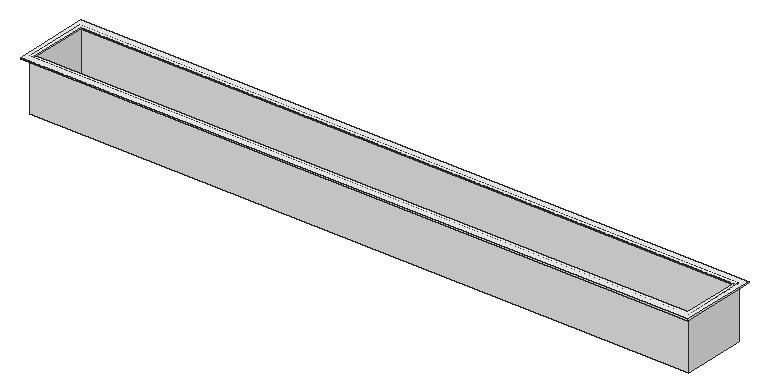
Revit family "Lighting-Recessed-Amerlux-GRUV6-HE-GRID", category Lighting Fixtures, host Face, Revit 2014
Parameters
  Wattage = 9.2903 W
  built-in parameter 1150110 = 1 (stored number, unit not read)
  Voltage = 0 V
  URL = "http://www.amerlux.com/"
  built-in parameter 1114217 = 1 (stored number, unit not read)
  Tilt Angle = -90.00°
  built-in parameter 1150109 = 1 (stored number, unit not read)
  built-in parameter 1150134 = 3
  built-in parameter 1150113 = 1 (stored number, unit not read)
  Power Factor = 1
  Photometric Web File = "generic"
  Number of Poles = 1
  built-in parameter 1150142 = (empty or 0)
  Model = "GRUV6-HE-GRID"
  Manufacturer = "Amerlux"
  built-in parameter 1150105 = 109.82 (stored number, unit not read)
  Lumens = 1380 lm
  built-in parameter 1150115 = 1 (stored number, unit not read)
  built-in parameter 1150137 = (empty or 0)
  built-in parameter 1150139 = (empty or 0)
  Length = 4' - 4"
  built-in parameter 1150112 = 1 (stored number, unit not read)
  built-in parameter 1150114 = 1 (stored number, unit not read)
  Lamp = "LED"
  built-in parameter 1150132 = (empty or 0)
  built-in parameter 1150102 = (empty or 0)
  built-in parameter 1150107 = 3200 (stored number, unit not read)
  built-in parameter 1150138 = (empty or 0)
  built-in parameter 1150106 = 1.0982 (stored number, unit not read)
  Height = 0' - 4"
  Emit from Line Length = Length  # 4' - 4"
  built-in parameter 1150104 = 13.8 (stored number, unit not read)
  Dimming Lamp Color Temperature Shift = <None>
  Description = "Recessed Linear"
  Default Elevation = 4' - 0"
  Color Filter = 16777215
  built-in parameter 1114218 = 1 (stored number, unit not read)
  built-in parameter 1150133 = 10 (stored number, unit not read)
  Apparent Load = 0 VA
Reference planes (in)
  plane 1 "Center (Front/Back)": y = 0
  plane 2: z = 0
  plane 3 "Center (Left/Right)": x = 0
  plane 4: x = -26
  plane 5: x = 26
Forms (in)
  Extrusion 1, solid, material "Trim"
    sketch origin (0, 0, 0) x (1, 0, 0) y (0, 1, 0)
      loop
        line (-26.3125, 3) -> (-26.3125, -3) -> (26.3125, -3) -> (26.3125, 3) -> (-26.3125, 3)
    from 0 to 0.11043
  Extrusion 2, solid, material "Finish"
    sketch origin (0, 0, 0) x (1, 0, 0) y (0, 1, 0)
      loop
        line (-26, 2.5) -> (-26, -2.5) -> (26, -2.5) -> (26, 2.5) -> (-26, 2.5)
    from -4 to 0
  Extrusion 3, void
    sketch origin (0, 0, 0) x (1, 0, 0) y (0, 1, 0)
      loop
        line (-25.75, 2.25) -> (-25.75, -2.25) -> (25.75, -2.25) -> (25.75, 2.25) -> (-25.75, 2.25)
    from -3.81426 to 0.11043
  Extrusion 4, solid, material "Lens"
    sketch origin (0, 0, 0) x (1, 0, 0) y (0, 1, 0)
      loop
        line (-26, 2.5) -> (-26, -2.5) -> (26, -2.5) -> (26, 2.5) -> (-26, 2.5)
    from 0 to 0.11043
Cuts and joins
  Extrusion 3 cuts Extrusion 1
  Extrusion 3 cuts Extrusion 2
Dimensions and locks (in)
  equal spacing: plane 4, plane 3 "Center (Left/Right)", plane 5
  "Length": plane 4 to plane 5
  "Height": Extrusion 2 to Extrusion 2
  locked: cut or joined group of Extrusion 2, Extrusion 3 to cut or joined group of Extrusion 1, Extrusion 3 at 0.25
  cut or joined group of Extrusion 2, Extrusion 3 to cut or joined group of Extrusion 1, Extrusion 3 = 0' - 0 1/4"  (x2)
  locked: cut or joined group of Extrusion 1, Extrusion 3 to cut or joined group of Extrusion 2, Extrusion 3 at 0.25
  locked: cut or joined group of Extrusion 2, Extrusion 3 to Extrusion 1 sketch curve at 0.3125
  locked: Extrusion 1 sketch curve to cut or joined group of Extrusion 2, Extrusion 3 at 0.3125
  aligned and locked: plane 2 to host face
  aligned and locked: level to host face
  aligned and locked: level to Extrusion 2
  aligned and locked: Extrusion 1 to level
  aligned and locked: cut or joined group of Extrusion 1, Extrusion 3 to Extrusion 3
  aligned and locked: cut or joined group of Extrusion 1, Extrusion 3 to Extrusion 4
  aligned and locked: Extrusion 4 to level
  aligned and locked: Extrusion 4 sketch curve to cut or joined group of Extrusion 2, Extrusion 3  (x4)
Automatic sketch dimensions
  host sketch curve to host sketch curve = 9' - 10.53435"
  host sketch curve to host sketch curve = 8' - 0"
  Extrusion 3 sketch curve to plane 3 "Center (Left/Right)" = 2' - 1 3/4"
  plane 3 "Center (Left/Right)" to Extrusion 3 sketch curve = 2' - 1 3/4"
  plane 1 "Center (Front/Back)" to Extrusion 3 sketch curve = 0' - 2 1/4"
  Extrusion 3 sketch curve to plane 1 "Center (Front/Back)" = 0' - 2 1/4"
  Extrusion 1 sketch curve to plane 1 "Center (Front/Back)" = 0' - 3"
  plane 1 "Center (Front/Back)" to Extrusion 1 sketch curve = 0' - 3"
  Extrusion 2 sketch curve to plane 4 = 0' - 0"
  Extrusion 2 sketch curve to plane 5 = 0' - 0"
  plane 1 "Center (Front/Back)" to Extrusion 2 sketch curve = 0' - 2 1/2"
  Extrusion 2 sketch curve to plane 1 "Center (Front/Back)" = 0' - 2 1/2"
Connectors (in)
  electrical at (0, 0, -4), driven by "Number of Poles", driven by "Voltage", driven by "Apparent Load", driven by "Power Factor"
    settings: on cut or joined group of Extrusion 2, Extrusion 3, index 1, voltage 0 V, apparent load 0 VA, apparent load phase1 0 VA, apparent load phase2 0 VA, apparent load phase3 0 VA, power factor 1, load classification "Other", number of poles 1, system type 31, power factor state 1, is connector primary yes, connector utility yes, sub classification motor no, connector description "Power"
